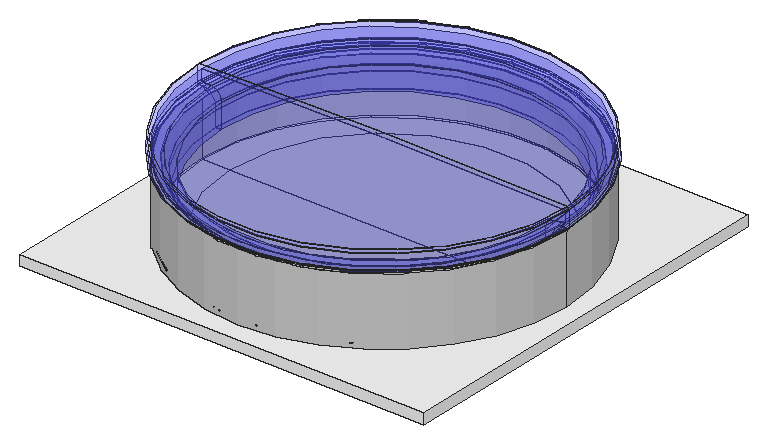
Revit family "BE_33639_de_DE", category Leuchten, Revit 2015
Parameters (values of type "BEGA_33639_Silber_K4")
  built-in parameter 1150104 = 11.052 (stored number, unit not read)
  Wattage = 34.8 W
  Default Elevation = 0 mm
  built-in parameter 1150113 = 1 (stored number, unit not read)
  built-in parameter 1114218 = 1 (stored number, unit not read)
  Umgebungstemperatur = ""
  URL = "http://www.bega.de/produkt/33639"
  Typenkommentare = "© 2015 BEGA. Wir behalten uns das Recht vor, technische Änderungen ohne vorherige Ankündigung vorzunehmen."  # constant formula
  Type Image = 33639.png
  built-in parameter 1150134 = (empty or 0)
  built-in parameter 1150109 = 1 (stored number, unit not read)
  Strom = ""
  built-in parameter 1150110 = 1 (stored number, unit not read)
  Spannung = 0 V
  Sonderanfertigung = no
  Sockeltyp = ""
  Seriennummer [instance] = "Hier können Sie die eindeutige Seriennummer für das Facility Management eintragen."
  Schutzklasse = "I"
  Schutzart = "IP 64"
  Scheinlast = 0 VA
  Produktdatenblatt = "http://www.bega.de/download/datenblaetter/de/33639.pdf"
  Oberflächentemperatur = ""
  Neigungswinkel = 0.00°
  Modell = "33639AK4"
  Material_11 = BEGA_Glas_opal
  Material_02 = BEGA_Oberfläche_Silber_matt
  Material_01 [instance] = BEGA_Oberfläche_Grafit_matt
  M_W = no
  M_G = no
  M_A = yes
  Logo = 0
  built-in parameter 1114217 = 1 (stored number, unit not read)
  built-in parameter 1150139 = (empty or 0)
  built-in parameter 1150105 = 329.44 (stored number, unit not read)
  built-in parameter 1150114 = 1 (stored number, unit not read)
  Lumens = 4139.81 lm
  built-in parameter 1150115 = 1 (stored number, unit not read)
  Leuchtenlichtstrom = "2304 lm"
  Leuchtenanzahl = ""
  Lebensdauerkriterien = "L70 = 50.000 h"
  Lastklassifizierung = Beleuchtung
  built-in parameter 1150112 = 1 (stored number, unit not read)
  Lampenlichtstrom = "4140 lm"
  Lampe = "LED 34.8 W"
  LED_Modulbezeichnung = "2x LED-0452/840 "
  built-in parameter 1150142 = (empty or 0)
  Hersteller = "BEGA"  # constant formula
  Halbstreuwinkel = ""
  Gewicht = "3.7 kg"
  Gebrauchslageneinschränkung [instance] = ""
  Frequenz = "0/50-60 Hz"
  Farbwiedergabeindex = "Ra > 80"
  Farbtemperaturverschiebung bei Dämpfen der Lampe = <Keine Auswahl>
  Farbtemperatur = "4000 K"
  Color Filter = 16777215
  built-in parameter 1150133 = 10 (stored number, unit not read)
  Energieeffizienzklasse = "LED A++ - A"
  built-in parameter 1150137 = (empty or 0)
  built-in parameter 1150132 = (empty or 0)
  ENEC = ""
  Dimmbar [instance] = ""
  Datei für fotometrisches Netz = "BE_33639K4.IES"
  CE_Konformität = "ja"
  Bestellnummer = "33639AK4"
  Beschreibung_Sonderanfertigung = "Hier können Sie Informationen zur Sonderanfertigung eintragen."
  Beschreibung = "Decken- und Wandleuchte"
  built-in parameter 1150106 = 3.2944 (stored number, unit not read)
  Befestigungsbohrung = "Ø 5,5 mm"
  Befestigungsabstand = "280 mm"
  BEGA_Intern_aus = yes
  BEGA_Intern_an = yes
  BEGA_Intern_Konstruktion = yes
  BEGA_Intern = yes
  BEGA_IES = yes
  BEGA_Dummy = no
  Anschlussleistung [instance] = "42 W"
  built-in parameter 1150107 = 3000 (stored number, unit not read)
  built-in parameter 1150102 = (empty or 0)
  built-in parameter 1150138 = (empty or 0)
  Aktualisierung = "2016-01-08T04:08:54"
  AC/DC = "AC/DC"
Types (5, lengths in mm): name | built-in parameter 1150104 | built-in parameter 1150134 | Modell | M_G | M_A | built-in parameter 1150105 | Lumens | Leuchtenlichtstrom | Lampenlichtstrom | LED_Modulbezeichnung | Farbtemperatur | Datei für fotometrisches Netz | Bestellnummer | built-in parameter 1150106 | built-in parameter 1150107
  (no name) | 11.052 (stored number, unit not read) | (empty or 0) | "33639AK4" | no | yes | 329.44 (stored number, unit not read) | 4139.81 lm | "2304 lm" | "4140 lm" | "2x LED-0452/840 " | "4000 K" | "BE_33639K4.IES" | "33639AK4" | 3.2944 (stored number, unit not read) | 3000 (stored number, unit not read)
  BEGA_33639_Grafit_K3 | 10.465 (stored number, unit not read) | (empty or 0) | "33639" | yes | no | 311.93 (stored number, unit not read) | 3919.87 lm | "2182 lm" | "3920 lm" | "2x LED-0452/830 " | "3000 K" | "BE_33639.IES" | "33639" | 3.1193 (stored number, unit not read) | 3000 (stored number, unit not read)
  BEGA_33639_Grafit_K4 | 11.052 (stored number, unit not read) | 12 | "33639K4" | yes | no | 329.44 (stored number, unit not read) | 4139.81 lm | "2304 lm" | "4140 lm" | "2x LED-0452/840 " | "4000 K" | "BE_33639K4.IES" | "33639K4" | 3.2944 (stored number, unit not read) | 4000 (stored number, unit not read)
  BEGA_33639_Silber_K4 | 11.052 (stored number, unit not read) | (empty or 0) | "33639AK4" | no | yes | 329.44 (stored number, unit not read) | 4139.81 lm | "2304 lm" | "4140 lm" | "2x LED-0452/840 " | "4000 K" | "BE_33639K4.IES" | "33639AK4" | 3.2944 (stored number, unit not read) | 3000 (stored number, unit not read)
  BEGA_33639_Silber_K3 | 10.465 (stored number, unit not read) | (empty or 0) | "33639A" | no | yes | 311.93 (stored number, unit not read) | 3919.87 lm | "2182 lm" | "3920 lm" | "2x LED-0452/830 " | "3000 K" | "BE_33639.IES" | "33639A" | 3.1193 (stored number, unit not read) | 3000 (stored number, unit not read)
Reference planes
  plane 1 "Mitte (Vorne/Hinten)": y = 0
  plane 2: z = 0
  plane 3 "Mitte (Links/Rechts)": x = 0
  plane 4 "Links": x = -184.117
  plane 5 "Rechts": x = 184.117
  plane 6 "Unten": y = -53.441
  plane 7 "Oben": y = 41.559
  plane 8 "Vorne": z = 90.236
Forms (mm)
  Extrusion 1, solid, material "BEGA_Platte_Weiss"
    sketch origin (0, -1119.2, 0) x (1, 0, 0) y (0, 1, 0)
      loop
        line (-200, 1319.2) -> (-200, 919.2) -> (200, 919.2) -> (200, 1319.2) -> (-200, 1319.2)
    from 0 to -10
  Extrusion 2, solid, material "BEGA_Dummy_matt", visible <- "BEGA_Dummy"
    sketch origin (77.149, -76.023, 0) x (1, 0, 0) y (0, 1, 0)
      loop
        circle (-77.149, 76.023) r 184.117
    from 0 to 90.236
Dimensions and locks
  plane 1 "Mitte (Vorne/Hinten)" to Extrusion 1 = 200 mm
  aligned and locked: plane 2 to Extrusion 1
  aligned and locked: level to Extrusion 1
Nested families
  nested 1: "BE_33639" at (0, 0, 0), type "BE_33639"
Connectors
  electrical at (0, 0, 0), driven by "Lastklassifizierung", driven by "Spannung", driven by "Scheinlast"
    settings: index 1, voltage 0 V, apparent load 0 VA, apparent load phase1 0 VA, apparent load phase2 0 VA, apparent load phase3 0 VA, power factor 1, load classification "Beleuchtung", number of poles 1, system type 31, power factor state 1, is connector primary yes, connector utility no, sub classification motor no, connector description ""
Definition of nested family "BE_33639"
  Parameters (values of type "BE_33639")
    Default Elevation = 1 mm
    URL = "http://www.bega.de/de/produkt"
    Type Comments = "© 2015 BEGA. Wir behalten uns das Recht vor, technische Änderungen ohne vorherige Ankündigung vorzunehmen. "  # constant formula
    Type Image = (empty or 0)
    Material_17 = none
    Material_15 = none
    Material_11 = none
    Material_09 = none
    Material_06 = none
    Material_02 = none
    Material_01 = none
    M_W = yes
    M_G = yes
    M_A = yes
    Länge_Platte = 200 mm  # constant formula
    Höhe_Platte = -10 mm  # constant formula
    Manufacturer = "BEGA"  # constant formula
    Breite_Platte = 200 mm  # constant formula
  Reference planes
    plane 1 "Mitte (Oben/Unten)": y = 0
    plane 2: z = 0
    plane 3 "Mitte (Links/Rechts)": x = 0
    plane 4 "Vorne": z = 90.236
    plane 5: x = 184.117
    plane 6: y = 184.059
    plane 7: y = -184.059
    plane 8: x = -184.117
  Forms (mm)
    Extrusion 1, solid, detail levels medium
      sketch origin (0, 0, 0) x (1, 0, 0) y (0, 1, 0)
        loop
          line (-100, 100) -> (-100, -100) -> (100, -100) -> (100, 100) -> (-100, 100)
      from 0 to -10 <- "Höhe_Platte"
    Revolve 2, solid, material <- "Material_01", visible <- "M_G", detail levels medium+fine
      sketch origin (0, 0, 2.5) x (1, 0, 0) y (0, 0, 1)
        loop
          arc (-179.492, 65.999) -> (-180.419, 65.59) -> (-180.8, 64.65) r 1.35
          line (-180.8, 64.65) -> (-180.8, -2.5) -> (0, -2.5) -> (0, 2) -> (-152.389, 2) -> (-178.6, 2)
          arc (-178.6, 2) -> (-179.307, 2.293) -> (-179.6, 3) r 1
          line (-179.6, 3) -> (-179.6, 64.938) -> (-173.688, 60.799) -> (-173, 61.782) -> (-178.678, 65.757)
          arc (-178.678, 65.757) -> (-179.065, 65.944) -> (-179.492, 65.999) r 1.35
        axis (0, -2.5) -> (0, 65.999)
      angle from 0 to 360
    Revolve 3, solid, material <- "Material_11", detail levels medium+fine
      sketch origin (0, 0, 2.5) x (1, 0, 0) y (0, 0, 1)
        loop
          line (-172.326, 65.673) -> (-166, 55.905) -> (-166, 49.571) -> (-166, 34.2) -> (-160, 34.2) -> (-160, 58.528)
          arc (-160, 58.528) -> (-162.89, 65.959) -> (-170.041, 69.488) r 11
          line (-170.041, 69.488) -> (-179.935, 70.354) -> (-179.543, 81.578)
          arc (-179.543, 81.578) -> (-89.777, 82.979) -> (-0.001, 83.499) r 9145.056
          line (-0.001, 83.499) -> (-0.001, 87.701)
          arc (-0.001, 87.701) -> (-90.76, 87.17) -> (-181.51, 85.739) r 9149.258
          arc (-181.51, 85.739) -> (-182.873, 85.164) -> (-183.468, 83.81) r 2
          line (-183.468, 83.81) -> (-183.999, 68.599)
          arc (-183.999, 68.599) -> (-183.5, 67.204) -> (-182.177, 66.535) r 2
          line (-182.177, 66.535) -> (-172.326, 65.673)
        axis (-0.001, 87.701) -> (-0.001, 34.2)
      angle from 0 to 360
    Extrusion 4, void
      sketch origin (0, 0, 0) x (1, 0, 0) y (0, 1, 0)
        loop
          circle (0, -140) r 2.75
        loop
          circle (0, 140) r 2.75
        loop
          circle (-130, 25) r 7.5
        loop
          circle (-130, -25) r 7.5
      from 0 to 9.122
    Extrusion 5, void
      sketch origin (0, 0, 0) x (1, 0, 0) y (0, 1, 0)
        loop
          circle (0, -140) r 2.75
        loop
          circle (0, 140) r 2.75
        loop
          circle (-130, 25) r 7.5
        loop
          circle (-130, -25) r 7.5
      from 0 to 9.122
    Revolve 6, solid, material <- "Material_02", visible <- "M_A", detail levels medium+fine
      sketch origin (0, 0, 2.5) x (1, 0, 0) y (0, 0, 1)
        loop
          arc (-179.492, 65.999) -> (-180.419, 65.59) -> (-180.8, 64.65) r 1.35
          line (-180.8, 64.65) -> (-180.8, -2.5) -> (0, -2.5) -> (0, 2) -> (-152.389, 2) -> (-178.6, 2)
          arc (-178.6, 2) -> (-179.307, 2.293) -> (-179.6, 3) r 1
          line (-179.6, 3) -> (-179.6, 64.938) -> (-173.688, 60.799) -> (-173, 61.782) -> (-178.678, 65.757)
          arc (-178.678, 65.757) -> (-179.065, 65.944) -> (-179.492, 65.999) r 1.35
        axis (0, -2.5) -> (0, 65.999)
      angle from 0 to 360
  Cuts and joins
    Extrusion 4, Extrusion 5 cuts Revolve 2
    Extrusion 4 cuts Revolve 3
  Dimensions and locks
    equal spacing: Extrusion 1 sketch curve, plane 3 "Mitte (Links/Rechts)", Extrusion 1 sketch curve
    equal spacing: Extrusion 1 sketch curve, plane 1 "Mitte (Oben/Unten)", Extrusion 1 sketch curve
    "Länge_Platte": Extrusion 1 sketch curve to Extrusion 1 sketch curve
    "Breite_Platte": Extrusion 1 sketch curve to Extrusion 1 sketch curve
    aligned and locked: plane 2 to Extrusion 1
    aligned and locked: level to Extrusion 1
  Automatic sketch dimensions
    Revolve 3 sketch curve to Revolve 3 sketch curve = 1.822 mm
    Revolve 3 sketch curve to Revolve 3 sketch curve = 0.177 mm
    Revolve 3 sketch curve to Revolve 3 sketch curve = 0.531 mm
    Revolve 3 sketch curve to Revolve 3 sketch curve = 2.065 mm
    Revolve 3 sketch curve to Revolve 3 sketch curve = 1.926 mm
    Revolve 3 sketch curve to Revolve 3 sketch curve = 7.609 mm
    Revolve 3 sketch curve to Revolve 3 sketch curve = 1.326 mm
    Revolve 3 sketch curve to Revolve 3 sketch curve = 5 mm
    Revolve 3 sketch curve to Revolve 3 sketch curve = 6 mm
    Revolve 3 sketch curve to plane 3 "Mitte (Links/Rechts)" = 0.001 mm
    plane 3 "Mitte (Links/Rechts)" to Revolve 3 sketch curve = 8.061 mm
    Revolve 3 sketch curve to Revolve 3 sketch curve = 0 mm  (x7)
    Revolve 3 sketch curve to Revolve 3 sketch curve = 0.001 mm
    level to Revolve 3 sketch curve = 36.7 mm
    Revolve 3 sketch curve to Revolve 3 sketch curve = 15.371 mm
    Revolve 3 sketch curve to Revolve 3 sketch curve = 6.333 mm
    Revolve 3 sketch curve to Revolve 3 sketch curve = 2.623 mm
    Revolve 3 sketch curve to Revolve 3 sketch curve = 7.145 mm
    Revolve 3 sketch curve to Revolve 3 sketch curve = 0.862 mm
    Revolve 3 sketch curve to Revolve 3 sketch curve = 1.992 mm
    Revolve 3 sketch curve to Revolve 3 sketch curve = 1.827 mm
    Revolve 3 sketch curve to Revolve 3 sketch curve = 11.224 mm
    Revolve 3 sketch curve to Revolve 3 sketch curve = 2.162 mm
    Revolve 3 sketch curve to Revolve 3 sketch curve = 4.201 mm
    Revolve 3 sketch curve to Revolve 3 sketch curve = 1.999 mm
    Revolve 3 sketch curve to Revolve 3 sketch curve = 0.041 mm
    Revolve 3 sketch curve to Revolve 3 sketch curve = 2.284 mm
    Revolve 3 sketch curve to Revolve 3 sketch curve = 0.002 mm
    Revolve 3 sketch curve to Revolve 3 sketch curve = 10.799 mm
    Revolve 3 sketch curve to Revolve 3 sketch curve = 0.07 mm
    Extrusion 4 sketch curve to plane 3 "Mitte (Links/Rechts)" = 0 mm  (x2)
    plane 1 "Mitte (Oben/Unten)" to Extrusion 4 sketch curve = 25 mm
    Extrusion 4 sketch curve to Extrusion 4 sketch curve = 0 mm
    Extrusion 4 sketch curve to plane 1 "Mitte (Oben/Unten)" = 25 mm
    Extrusion 5 sketch curve to plane 3 "Mitte (Links/Rechts)" = 0 mm  (x2)
    plane 1 "Mitte (Oben/Unten)" to Extrusion 5 sketch curve = 25 mm
    Extrusion 5 sketch curve to Extrusion 5 sketch curve = 0 mm
    Extrusion 5 sketch curve to plane 1 "Mitte (Oben/Unten)" = 25 mm
    Revolve 2 sketch curve to level = 0 mm
    Revolve 2 sketch curve to plane 3 "Mitte (Links/Rechts)" = 0 mm  (x2)
    level to Revolve 2 sketch curve = 4.5 mm
    Revolve 2 sketch curve to Revolve 2 sketch curve = 0.688 mm
    Revolve 2 sketch curve to Revolve 2 sketch curve = 5.678 mm
    Revolve 2 sketch curve to Revolve 2 sketch curve = 0.772 mm
    Revolve 2 sketch curve to Revolve 2 sketch curve = 0 mm  (x3)
    Revolve 2 sketch curve to Revolve 2 sketch curve = 0.15 mm
    Revolve 2 sketch curve to Revolve 2 sketch curve = 2.2 mm
    Revolve 2 sketch curve to Revolve 2 sketch curve = 57.799 mm
    Revolve 2 sketch curve to Revolve 2 sketch curve = 0.983 mm
    Revolve 2 sketch curve to Revolve 2 sketch curve = 3.851 mm
    Revolve 2 sketch curve to Revolve 2 sketch curve = 0.288 mm  (x2)
    Revolve 2 sketch curve to Revolve 2 sketch curve = 0.819 mm
    Revolve 2 sketch curve to Revolve 2 sketch curve = 0.814 mm
    Revolve 2 sketch curve to Revolve 2 sketch curve = 2.154 mm
    Revolve 2 sketch curve to Revolve 2 sketch curve = 3.288 mm
    Revolve 6 sketch curve to level = 0 mm
    Revolve 6 sketch curve to plane 3 "Mitte (Links/Rechts)" = 0 mm  (x2)
    level to Revolve 6 sketch curve = 4.5 mm
    Revolve 6 sketch curve to Revolve 6 sketch curve = 0.688 mm
    Revolve 6 sketch curve to Revolve 6 sketch curve = 5.678 mm
    Revolve 6 sketch curve to Revolve 6 sketch curve = 0.772 mm
    Revolve 6 sketch curve to Revolve 6 sketch curve = 0 mm  (x3)
    Revolve 6 sketch curve to Revolve 6 sketch curve = 0.15 mm
    Revolve 6 sketch curve to Revolve 6 sketch curve = 2.2 mm
    Revolve 6 sketch curve to Revolve 6 sketch curve = 57.799 mm
    Revolve 6 sketch curve to Revolve 6 sketch curve = 0.983 mm
    Revolve 6 sketch curve to Revolve 6 sketch curve = 3.851 mm
    Revolve 6 sketch curve to Revolve 6 sketch curve = 0.288 mm  (x2)
    Revolve 6 sketch curve to Revolve 6 sketch curve = 0.819 mm
    Revolve 6 sketch curve to Revolve 6 sketch curve = 0.814 mm
    Revolve 6 sketch curve to Revolve 6 sketch curve = 2.154 mm
    Revolve 6 sketch curve to Revolve 6 sketch curve = 3.288 mm
    Extrusion 4 sketch curve to plane 1 "Mitte (Oben/Unten)" = 140 mm
    Extrusion 5 sketch curve to plane 1 "Mitte (Oben/Unten)" = 140 mm
    plane 1 "Mitte (Oben/Unten)" to Extrusion 4 sketch curve = 140 mm
    plane 1 "Mitte (Oben/Unten)" to Extrusion 5 sketch curve = 140 mm
    Revolve 2 sketch curve to Revolve 2 sketch curve = 152.389 mm
    level to Revolve 2 sketch curve = 64.282 mm
    Revolve 2 sketch curve to Revolve 2 sketch curve = 20.611 mm
    Revolve 3 sketch curve to plane 3 "Mitte (Links/Rechts)" = 160 mm
    Extrusion 4 sketch curve to plane 3 "Mitte (Links/Rechts)" = 130 mm
    Extrusion 5 sketch curve to plane 3 "Mitte (Links/Rechts)" = 130 mm
    Revolve 6 sketch curve to Revolve 6 sketch curve = 152.389 mm
    level to Revolve 6 sketch curve = 64.282 mm
    Revolve 6 sketch curve to Revolve 6 sketch curve = 20.611 mm
    Revolve 3 sketch curve to level = 9059.053 mm
    radius of Extrusion 4 sketch curve = 2.75 mm  (x2)
    radius of Extrusion 4 sketch curve = 7.5 mm  (x2)
    radius of Extrusion 5 sketch curve = 2.75 mm  (x2)
    radius of Extrusion 5 sketch curve = 7.5 mm  (x2)
